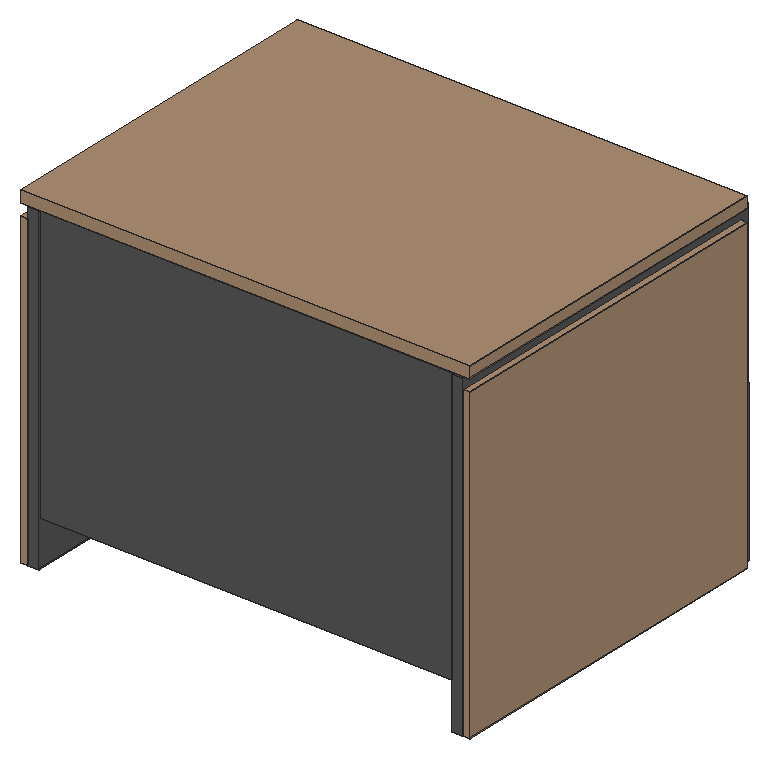
Revit family "Sanitary_Compound-Units_hansgrohe_54255XXX-Xilesa-E-Vanity-unit_630-470_1-drawer_wash-basin", category Furniture, host Face, Revit 2022
Family settings
  Host = Face
  OmniClass Number = 23.21.19.15.33.13
  OmniClass Title = Residential Bathroom Specialty Casework
  Cut with Voids When Loaded = No
  Render Appearance Source = Family Geometry
  Shared = No
  Room Calculation Point = No
Parameters (values of type "550 Cashmere Oak")
  Version = 1  # constant formula
  URL = "https://www.hansgrohe.com/"
  Product data url = "https://www.bimobject.com/en/hansgrohe/product/54255XXX"
  Product Page URL = "https://www.hansgrohe.com/articledetail--54255550"
  Model = "54255XXX"  # constant formula
  Material 3 = Hansgrohe - Metal - Black
  Material 2 = Hansgrohe - MDF - Matt Black
  Material 1 = Hansgrohe - MDF - 550 Cashmere Oak
  Manufacturer = "Hansgrohe"  # constant formula
  Height = 0 mm
  Description = "Xilesa E Vanity unit 630/470 with 1 drawer for wash basin"  # constant formula
  Default Elevation = 0 mm
  Date Updated = ""
  Date Created = "2024/02/03"  # constant formula
Types (5, lengths in mm): name | Material 1
  (no name) | Hansgrohe - MDF - 550 Cashmere Oak
  550 Cashmere Oak | Hansgrohe - MDF - 550 Cashmere Oak
  700 Matt White | Hansgrohe - MDF - 700 Matt White
  760 Slate Matt Grey | Hansgrohe - MDF - 760 Slate Matt Grey
  780 Sand Matt Beige | Hansgrohe - MDF - 780 Sand Matt Beige
Reference planes
  plane 1 "Center (Front/Back)": y = 0
  plane 2: z = 0
  plane 3 "Center (Left/Right)": x = 0
  plane 4: x = -315
  plane 5: x = 315
  plane 6: y = -500
  plane 7: z = 468
Dimensions and locks
  aligned and locked: plane 2 to host face
  aligned and locked: level to host face
Nested families
  nested 1: "54255XXX" at (0, -500, 0) x (1, 0, 0) z (0, 1, 0), Material 1 <- "Material 1", Material 2 <- "Material 2", Material 3 <- "Material 3", type "54255XXX"
    with Material 3 Hansgrohe - Metal - Black, Material 2 Hansgrohe - MDF - Matt Black, Material 1 Hansgrohe - MDF - 550 Cashmere Oak
Definition of nested family "54255XXX"
  Parameters (values of type "54255XXX")
    Version = 1  # constant formula
    URL = "https://www.hansgrohe.com/"
    Product data url = "https://www.bimobject.com/en/hansgrohe/product/54255XXX"
    Product Page URL = "https://www.hansgrohe.com/articledetail--54255550"
    Model = "54255XXX"  # constant formula
    Material 3 [instance] = none
    Material 2 [instance] = none
    Material 1 [instance] = none
    Manufacturer = "Hansgrohe"  # constant formula
    Description = "Xilesa E Vanity unit 630/470 with 1 drawer for wash basin"  # constant formula
    Default Elevation = 1219.2 mm
    Date Updated = ""
    Date Created = "2024/12/16"  # constant formula
  Reference planes
    plane 1 "Center (Front/Back)": y = 0
    plane 2: z = 0
    plane 3 "Center (Left/Right)": x = 0
  Forms (mm)
    Extrusion 1, solid, material <- "Material 1", detail levels medium+fine
      sketch origin (0, 0, 0) x (1, 0, 0) y (0, 1, 0)
        loop
          line (-305.6, 0) -> (-314.2, 0)
          arc (-314.2, 0) -> (-314.766, -0.234) -> (-315, -0.8) r 0.8
          line (-315, -0.8) -> (-315, -433.9)
          arc (-315, -433.9) -> (-314.766, -434.466) -> (-314.2, -434.7) r 0.8
          line (-314.2, -434.7) -> (-305.6, -434.7)
          arc (-305.6, -434.7) -> (-305.034, -434.466) -> (-304.8, -433.9) r 0.8
          line (-304.8, -433.9) -> (-304.8, -0.8)
          arc (-304.8, -0.8) -> (-305.034, -0.234) -> (-305.6, 0) r 0.8
        loop
          arc (305.6, 0) -> (305.034, -0.234) -> (304.8, -0.8) r 0.8
          line (304.8, -0.8) -> (304.8, -433.9)
          arc (304.8, -433.9) -> (305.034, -434.466) -> (305.6, -434.7) r 0.8
          line (305.6, -434.7) -> (314.2, -434.7)
          arc (314.2, -434.7) -> (314.766, -434.466) -> (315, -433.9) r 0.8
          line (315, -433.9) -> (315, -0.8)
          arc (315, -0.8) -> (314.766, -0.234) -> (314.2, 0) r 0.8
          line (314.2, 0) -> (305.6, 0)
      from 0 to 485
    Extrusion 2, solid, material <- "Material 1", detail levels medium+fine
      sketch origin (0, -90, 0) x (1, 0, 0) y (0, 1, 0)
        loop
          line (-314.2, -378) -> (314.2, -378)
          arc (314.2, -378) -> (314.766, -377.766) -> (315, -377.2) r 0.8
          line (315, -377.2) -> (315, -362.5)
          arc (315, -362.5) -> (314.766, -361.934) -> (314.2, -361.7) r 0.8
          line (314.2, -361.7) -> (-314.2, -361.7)
          arc (-314.2, -361.7) -> (-314.766, -361.934) -> (-315, -362.5) r 0.8
          line (-315, -362.5) -> (-315, -377.2)
          arc (-315, -377.2) -> (-314.766, -377.766) -> (-314.2, -378) r 0.8
      from 0 to 485
    Extrusion 3, solid, material <- "Material 2", detail levels medium+fine
      sketch origin (0, 0, 0) x (1, 0, 0) y (0, 1, 0)
        loop
          line (-304.8, -0.8) -> (-304.8, -448.9)
          arc (-304.8, -448.9) -> (-304.566, -449.466) -> (-304, -449.7) r 0.8
          line (-304, -449.7) -> (-289.6, -449.7)
          arc (-289.6, -449.7) -> (-289.034, -449.466) -> (-288.8, -448.9) r 0.8
          line (-288.8, -448.9) -> (-288.8, -0.8)
          arc (-288.8, -0.8) -> (-289.034, -0.234) -> (-289.6, 0) r 0.8
          line (-289.6, 0) -> (-304, 0)
          arc (-304, 0) -> (-304.566, -0.234) -> (-304.8, -0.8) r 0.8
        loop
          arc (304.8, -0.8) -> (304.566, -0.234) -> (304, 0) r 0.8
          line (304, 0) -> (289.6, 0)
          arc (289.6, 0) -> (289.034, -0.234) -> (288.8, -0.8) r 0.8
          line (288.8, -0.8) -> (288.8, -448.9)
          arc (288.8, -448.9) -> (289.034, -449.466) -> (289.6, -449.7) r 0.8
          line (289.6, -449.7) -> (304, -449.7)
          arc (304, -449.7) -> (304.566, -449.466) -> (304.8, -448.9) r 0.8
          line (304.8, -448.9) -> (304.8, -0.8)
      from 0 to 500
    Extrusion 4, solid, material <- "Material 2", detail levels fine
      sketch origin (0, 0, 0) x (1, 0, 0) y (0, 1, 0)
        loop
          line (-288.8, -65.2) -> (-288.8, -81.2) -> (288.8, -81.2) -> (288.8, -65.2) -> (-288.8, -65.2)
      from 17 to 125
    Extrusion 5, solid, material <- "Material 2", detail levels fine
      sketch origin (0, 0, 0) x (1, 0, 0) y (0, 1, 0)
        loop
          line (-288.8, -64.7) -> (-288.8, -449.7) -> (288.8, -449.7) -> (288.8, -64.7) -> (-288.8, -64.7)
      from 1 to 17
    Extrusion 6, solid, material <- "Material 3", detail levels fine
      sketch origin (0, -90, 0) x (1, 0, 0) y (0, 1, 0)
        loop
          line (-287.3, -356.9) -> (-287.3, -329.2) -> (-288.8, -329.2) -> (-288.8, -356.9)
          arc (-288.8, -356.9) -> (-288.126, -358.527) -> (-286.5, -359.2) r 2.3
          line (-286.5, -359.2) -> (286.5, -359.2)
          arc (286.5, -359.2) -> (288.126, -358.527) -> (288.8, -356.9) r 2.3
          line (288.8, -356.9) -> (288.8, -329.2) -> (287.3, -329.2) -> (287.3, -356.9)
          arc (287.3, -356.9) -> (287.066, -357.466) -> (286.5, -357.7) r 0.8
          line (286.5, -357.7) -> (-286.5, -357.7)
          arc (-286.5, -357.7) -> (-287.066, -357.466) -> (-287.3, -356.9) r 0.8
      from 449.5 to 499.5
    Extrusion 7, solid, material <- "Material 3", detail levels fine
      sketch origin (0, 0, 1) x (1, 0, 0) y (0, 0, 1)
        loop
          line (277.091, 33.98) -> (277.091, 115.48) -> (258.591, 115.48) -> (257.786, 100.114) -> (255.22, 99.98) -> (252.791, 53.623)
          arc (252.791, 53.623) -> (251.271, 50.325) -> (247.898, 48.98) r 4.9
          line (247.898, 48.98) -> (247.898, 33.98) -> (277.091, 33.98)
        loop
          line (-277.091, 33.98) -> (-247.898, 33.98) -> (-247.898, 48.98)
          arc (-247.898, 48.98) -> (-251.271, 50.325) -> (-252.791, 53.623) r 4.9
          line (-252.791, 53.623) -> (-255.22, 99.98) -> (-257.786, 100.114) -> (-258.591, 115.48) -> (-277.091, 115.48) -> (-277.091, 33.98)
      from 109.4 to 451.7
    Extrusion 8, solid, material <- "Material 3", detail levels fine
      sketch origin (75, 0, 1) x (1, 0, 0) y (0, 0, 1)
        loop
          line (198.3, 213.03) -> (198.3, 231.03) -> (183.3, 231.03) -> (183.3, 224.03) -> (192.95, 224.03) -> (192.95, 213.03) -> (198.3, 213.03)
      from 88.7 to 362.7
    Extrusion 9, solid, material <- "Material 3", detail levels fine
      sketch origin (75, 0, 1) x (1, 0, 0) y (0, 0, 1)
        loop
          line (200.05, 211.28) -> (200.05, 232.78) -> (181.55, 232.78) -> (181.55, 211.28) -> (200.05, 211.28)
      from 451.7 to 362.7
    Extrusion 10, solid, material <- "Material 3", detail levels fine
      sketch origin (0, 0, 1) x (1, 0, 0) y (0, 0, 1)
        loop
          line (-267.5, 223.8) -> (-267.5, 113.608) -> (-273.2, 97.947) -> (-273.2, 48) -> (-244.9, 48) -> (-244.9, 223.8) -> (-267.5, 223.8)
        loop
          line (267.5, 223.8) -> (244.9, 223.8) -> (244.9, 48) -> (273.2, 48) -> (273.2, 97.947) -> (267.5, 113.608) -> (267.5, 223.8)
      from 91.9 to 109.4
    Extrusion 11, void
      sketch origin (0, 0, 1) x (1, 0, 0) y (0, 0, 1)
        loop
          line (-266.5, 222.8) -> (-266.5, 113.431) -> (-272.2, 97.771) -> (-272.2, 49) -> (-245.9, 49) -> (-245.9, 222.8) -> (-266.5, 222.8)
        loop
          line (266.5, 222.8) -> (245.9, 222.8) -> (245.9, 49) -> (272.2, 49) -> (272.2, 97.771) -> (266.5, 113.431) -> (266.5, 222.8)
      from 91.9 to 108.7
    Extrusion 12, solid, material <- "Material 3", detail levels fine
      sketch origin (0, 0, 1) x (0, 1, 0) y (0, 0, 1)
        loop
          line (-92.7, 32.5) -> (-92.7, 113.5)
          arc (-92.7, 113.5) -> (-92.847, 113.854) -> (-93.2, 114) r 0.5
          line (-93.2, 114) -> (-108.2, 114)
          arc (-108.2, 114) -> (-108.554, 113.854) -> (-108.7, 113.5) r 0.5
          line (-108.7, 113.5) -> (-108.7, 32.5)
          arc (-108.7, 32.5) -> (-108.554, 32.146) -> (-108.2, 32) r 0.5
          line (-108.2, 32) -> (-93.2, 32)
          arc (-93.2, 32) -> (-92.847, 32.146) -> (-92.7, 32.5) r 0.5
      from -245 to 245
    Extrusion 13, solid, material <- "Material 3", detail levels fine
      sketch origin (-75, 0, 1) x (-1, 0, 0) y (0, 0, -1)
        loop
          line (198.3, -213.03) -> (192.95, -213.03) -> (192.95, -224.03) -> (183.3, -224.03) -> (183.3, -231.03) -> (198.3, -231.03) -> (198.3, -213.03)
      from 88.7 to 362.7
    Extrusion 14, solid, material <- "Material 3", detail levels fine
      sketch origin (-75, 0, 1) x (-1, 0, 0) y (0, 0, -1)
        loop
          line (200.05, -211.28) -> (181.55, -211.28) -> (181.55, -232.78) -> (200.05, -232.78) -> (200.05, -211.28)
      from 451.7 to 362.7
    Extrusion 15, solid, material <- "Material 1", detail levels coarse
      sketch origin (0, 0, 0) x (1, 0, 0) y (0, 1, 0)
        loop
          line (-315, -468) -> (315, -468) -> (315, 0) -> (288.8, 0) -> (288.8, -451.7) -> (-288.8, -451.7) -> (-288.8, 0) -> (-315, 0) -> (-315, -468)
      from 0 to 500
    Extrusion 16, solid, material <- "Material 2", detail levels fine
      sketch origin (0, 0, 1) x (1, 0, 0) y (0, 0, 1)
        loop
          line (-247.898, 48.98) -> (-247.898, 33.98) -> (247.898, 33.98) -> (247.898, 48.98) -> (-247.898, 48.98)
      from 109.4 to 451.7
  Cuts and joins
    Extrusion 11 cuts Extrusion 10
  Lines and regions (mm)
    Masking region 1
      outline origin (0, 0, 0) x (1, 0, 0) y (0, 1, 0)
        loop
          line (-315, -0.8) -> (-315, -433.9)
          arc (-315, -433.9) -> (-314.766, -434.466) -> (-314.2, -434.7) r 0.8
          line (-314.2, -434.7) -> (-305.6, -434.7)
          arc (-305.6, -434.7) -> (-305.034, -434.466) -> (-304.8, -433.9) r 0.8
          line (-304.8, -433.9) -> (-304.8, -451.7) -> (-314.2, -451.7)
          arc (-314.2, -451.7) -> (-314.766, -451.934) -> (-315, -452.5) r 0.8
          line (-315, -452.5) -> (-315, -467.2)
          arc (-315, -467.2) -> (-314.766, -467.766) -> (-314.2, -468) r 0.8
          line (-314.2, -468) -> (0, -468) -> (314.2, -468)
          arc (314.2, -468) -> (314.766, -467.766) -> (315, -467.2) r 0.8
          line (315, -467.2) -> (315, -452.5)
          arc (315, -452.5) -> (314.766, -451.934) -> (314.2, -451.7) r 0.8
          line (314.2, -451.7) -> (304.8, -451.7) -> (304.8, -433.9)
          arc (304.8, -433.9) -> (305.034, -434.466) -> (305.6, -434.7) r 0.8
          line (305.6, -434.7) -> (314.2, -434.7)
          arc (314.2, -434.7) -> (314.766, -434.466) -> (315, -433.9) r 0.8
          line (315, -433.9) -> (315, -0.8)
          arc (315, -0.8) -> (314.766, -0.234) -> (314.2, 0) r 0.8
          line (314.2, 0) -> (305.6, 0)
          arc (305.6, 0) -> (305.034, -0.234) -> (304.8, -0.8) r 0.8
          arc (304.8, -0.8) -> (304.566, -0.234) -> (304, 0) r 0.8
          line (304, 0) -> (289.6, 0)
          arc (289.6, 0) -> (289.034, -0.234) -> (288.8, -0.8) r 0.8
          line (288.8, -0.8) -> (288.8, -65.2) -> (0, -65.2) -> (-288.8, -65.2) -> (-288.8, -0.8)
          arc (-288.8, -0.8) -> (-289.034, -0.234) -> (-289.6, 0) r 0.8
          line (-289.6, 0) -> (-304, 0)
          arc (-304, 0) -> (-304.566, -0.234) -> (-304.8, -0.8) r 0.8
          arc (-304.8, -0.8) -> (-305.034, -0.234) -> (-305.6, 0) r 0.8
          line (-305.6, 0) -> (-314.2, 0)
          arc (-314.2, 0) -> (-314.766, -0.234) -> (-315, -0.8) r 0.8
    Masking region 2
      outline origin (0, 0, 0) x (0, 1, 0) y (0, 0, 1)
        loop
          line (-449.7, 500) -> (-449.7, 233.78) -> (-451.7, 233.78) -> (-451.7, 485) -> (-468, 485) -> (-468, 0) -> (-451.7, 0) -> (-451.7, 34.98) -> (-449.7, 34.98) -> (-449.7, 0) -> (0, 0) -> (0, 500) -> (-449.7, 500)
    Masking region 3
      outline origin (0, 0, 0) x (1, 0, 0) y (0, 0, 1)
        loop
          line (-315, 485) -> (-315, 0) -> (0, 0) -> (315, 0) -> (315, 485) -> (304.8, 485) -> (304.8, 500) -> (0, 500) -> (-304.8, 500) -> (-304.8, 485) -> (-315, 485)
    symbolic lines, detail levels medium+fine
      curve 1: line (-304.8, -451.7, 0) -> (0, -451.7, 0)
      curve 2: line (-288.8, -65.2, 0) -> (-288.8, -451.7, 0)
      curve 3: line (-304.8, -0.8, 0) -> (-304.8, -433.9, 0)
      curve 4: line (-288.8, -81.2, 0) -> (0, -81.2, 0)
      curve 25: line (304.8, -451.7, 0) -> (0, -451.7, 0)
      curve 26: line (288.8, -65.2, 0) -> (288.8, -451.7, 0)
      curve 27: line (304.8, -0.8, 0) -> (304.8, -433.9, 0)
      curve 28: line (288.8, -81.2, 0) -> (0, -81.2, 0)
      curve 49: line (0, -451.7, 34.98) -> (0, -451.7, 233.78)
      curve 50: line (0, -449.7, 233.78) -> (0, -449.7, 34.98)
      curve 53: line (0, -451.7, 211.28) -> (0, -449.7, 211.28)
      curve 54: line (0, -451.7, 116.48) -> (0, -449.7, 116.48)
      curve 55: line (-304.8, 0, 485) -> (304.8, 0, 485)
      curve 56: line (-288.8, 0, 500) -> (-288.8, 0, 485)
      curve 57: line (288.8, 0, 500) -> (288.8, 0, 485)
    symbolic lines, detail levels fine
      curve 5: line (-277.091, -81.2, 0) -> (-277.091, -447.7, 0)
      curve 6: line (-255.22, -81.2, 0) -> (-255.22, -91.9, 0)
      curve 7: line (0, -91.9, 0) -> (-258.3, -91.9, 0)
      curve 8: line (-258.3, -109.4, 0) -> (0, -109.4, 0)
      curve 9: line (-273.3, -88.7, 0) -> (-273.3, -361.7, 0)
      curve 10: line (-258.3, -88.7, 0) -> (-273.3, -88.7, 0)
      curve 11: line (-275.05, -361.7, 0) -> (-275.05, -447.7, 0)
      curve 12: line (-275.05, -361.7, 0) -> (-256.55, -361.7, 0)
      curve 13: line (-256.55, -361.7, 0) -> (-256.55, -447.7, 0)
      curve 14: line (0, -447.7, 0) -> (-286.5, -447.7, 0)
      curve 15: arc (-286.5, -447.7, 0) -> (-287.066, -447.466, 0) -> (-287.3, -446.9, 0) r 0.8
      curve 16: line (-287.3, -446.9, 0) -> (-287.3, -419.2, 0)
      curve 17: line (-287.3, -419.2, 0) -> (-288.8, -419.2, 0)
      curve 18: arc (-288.8, -446.9, 0) -> (-288.126, -448.527, 0) -> (-286.5, -449.2, 0) r 2.3
      curve 19: line (-286.5, -449.2, 0) -> (0, -449.2, 0)
      curve 20: line (-277.091, -449.2, 0) -> (-277.091, -451.7, 0)
      curve 21: line (-275.05, -449.2, 0) -> (-275.05, -451.7, 0)
      curve 22: line (-258.3, -361.7, 0) -> (-258.3, -88.7, 0)
      curve 23: line (-256.55, -449.2, 0) -> (-256.55, -451.7, 0)
      curve 24: line (-255.22, -449.2, 0) -> (-255.22, -451.7, 0)
      curve 29: line (277.091, -81.2, 0) -> (277.091, -447.7, 0)
      curve 30: line (255.22, -81.2, 0) -> (255.22, -91.9, 0)
      curve 31: line (0, -91.9, 0) -> (258.3, -91.9, 0)
      curve 32: line (258.3, -109.4, 0) -> (0, -109.4, 0)
      curve 33: line (273.3, -88.7, 0) -> (273.3, -361.7, 0)
      curve 34: line (258.3, -88.7, 0) -> (273.3, -88.7, 0)
      curve 35: line (275.05, -361.7, 0) -> (275.05, -447.7, 0)
      curve 36: line (275.05, -361.7, 0) -> (256.55, -361.7, 0)
      curve 37: line (256.55, -361.7, 0) -> (256.55, -447.7, 0)
      curve 38: line (0, -447.7, 0) -> (286.5, -447.7, 0)
      curve 39: arc (286.5, -447.7, 0) -> (287.066, -447.466, 0) -> (287.3, -446.9, 0) r 0.8
      curve 40: line (287.3, -446.9, 0) -> (287.3, -419.2, 0)
      curve 41: line (287.3, -419.2, 0) -> (288.8, -419.2, 0)
      curve 42: arc (288.8, -446.9, 0) -> (288.126, -448.527, 0) -> (286.5, -449.2, 0) r 2.3
      curve 43: line (286.5, -449.2, 0) -> (0, -449.2, 0)
      curve 44: line (277.091, -449.2, 0) -> (277.091, -451.7, 0)
      curve 45: line (275.05, -449.2, 0) -> (275.05, -451.7, 0)
      curve 46: line (258.3, -361.7, 0) -> (258.3, -88.7, 0)
      curve 47: line (256.55, -449.2, 0) -> (256.55, -451.7, 0)
      curve 48: line (255.22, -449.2, 0) -> (255.22, -451.7, 0)
      curve 51: line (0, 0, 485) -> (0, -434.7, 485)
      curve 52: line (0, -434.7, 485) -> (0, -434.7, 0)
      curve 58: line (-255.22, -109.4, 0) -> (-255.22, -447.7, 0)
      curve 59: line (255.22, -109.4, 0) -> (255.22, -447.7, 0)
  Dimensions and locks
    aligned and locked: level to plane 2
